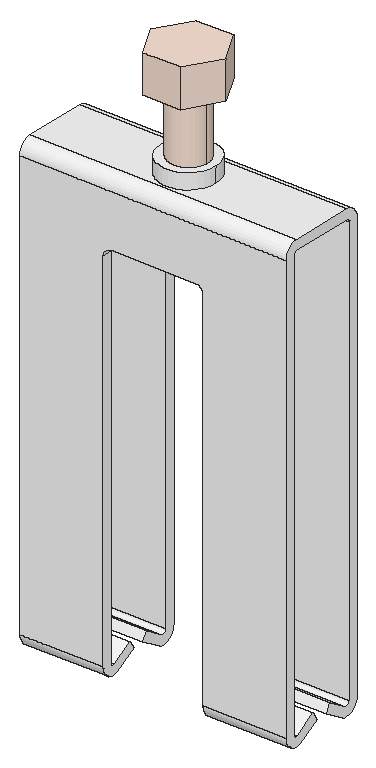
Revit family "ctclip_h0", category 機械設備, Revit 2022
Family settings
  丸型コネクタ寸法 = 直径を使用
  種別 = なし
  パーツ タイプ = 標準
  作業面ベース = いいえ
  常に垂直 = はい
  ロード時にボイドで切り取り = いいえ
  注釈の向きを維持 = いいえ
  共有 = いいえ
  部屋計算ポイント = いいえ
Parameters
  製造元 = "株式会社桐井製作所"
  既定の高さ = 0 mm
  URL = "https://www.kirii.co.jp/"
  K_材質 = "溶融亜鉛めっき鋼板及び鋼帯 SGCC 一般用"
  K_品名 = "CTクリップH=0"
  K_名称 = "クリップ"
  K_入数 = "400"
  K_バージョン情報 = "20220411"
  K_めっき付着量 = "Z12"
  K_JIS規格 = "JIS G 3302"
Reference planes
  plane 1 "中心(正面/背面)": y = 0
  plane 2: z = 0
  plane 3 "中心(左/右)": x = 0
Forms (mm)
  Extrusion 1, void
    sketch origin (0, 0, 0) x (1, 0, 0) y (0, 1, 0)
      loop
        circle (0, 0) r 2.5
    from 7.437 to 8.637
  Extrusion 2, solid
    sketch origin (0, 0, 0) x (1, 0, 0) y (0, 1, 0)
      loop
        circle (0, 0) r 3.691
      loop
        circle (0, 0) r 2.5
    from 8.637 to 10.637
  Extrusion 3, void
    sketch origin (0, 0, 0) x (1, 0, 0) y (0, 0, 1)
      loop
        line (-6.6, -51.613) -> (6.6, -51.613) -> (6.6, -1)
        arc (6.6, -1) -> (6.307, -0.293) -> (5.6, 0) r 1
        line (5.6, 0) -> (-5.6, 0)
        arc (-5.6, 0) -> (-6.307, -0.293) -> (-6.6, -1) r 1
        line (-6.6, -1) -> (-6.6, -51.613)
    from -5.8 to 5.8
  Extrusion 4, solid
    sketch origin (0, 0, 7.437) x (0, 1, 0) y (0, 0, 1)
      loop
        line (-4.6, -57.119) -> (-4.6, -0.5)
        arc (-4.6, -0.5) -> (-4.454, -0.146) -> (-4.1, 0) r 0.5
        line (-4.1, 0) -> (4.1, 0)
        arc (4.1, 0) -> (4.454, -0.146) -> (4.6, -0.5) r 0.5
        line (4.6, -0.5) -> (4.6, -57.119)
        arc (4.6, -57.119) -> (4.389, -57.527) -> (3.935, -57.591) r 0.5
        line (3.935, -57.591) -> (1.386, -56) -> (0.8, -57.047) -> (3.538, -58.704)
        arc (3.538, -58.704) -> (5.083, -58.487) -> (5.8, -57.1) r 1.7
        line (5.8, -57.1) -> (5.8, -0.5)
        arc (5.8, -0.5) -> (5.302, 0.702) -> (4.1, 1.2) r 1.7
        line (4.1, 1.2) -> (-4.1, 1.2)
        arc (-4.1, 1.2) -> (-5.302, 0.702) -> (-5.8, -0.5) r 1.7
        line (-5.8, -0.5) -> (-5.8, -57.1)
        arc (-5.8, -57.1) -> (-5.083, -58.487) -> (-3.538, -58.704) r 1.7
        line (-3.538, -58.704) -> (-0.8, -57.047) -> (-1.386, -56) -> (-3.935, -57.591)
        arc (-3.935, -57.591) -> (-4.389, -57.527) -> (-4.6, -57.119) r 0.5
    from -17.6 to 17.6
Cuts and joins
  Extrusion 3 cuts Extrusion 2
  Extrusion 1, Extrusion 3 cuts Extrusion 4
  joined: Extrusion 2, Extrusion 4
Dimensions and locks
  aligned and locked: level to plane 2
Nested families
  nested 1: "M5×25ボルト" at (0.011, -0.034, 18.824) x (1, 0, 0) z (0, 1, 0), type "M5×25ボルト"
Definition of nested family "M5×25ボルト"
  Parameters (values of type "M5×25ボルト")
    Manufacturer = "株式会社桐井製作所"
    Default Elevation = 0 mm
    URL = "https://www.kirii.co.jp/"
    K_名称 = "M6×25ボルト"
  Reference planes
    plane 1 "中心(正面/背面)": y = 0
    plane 2: z = 0
    plane 3 "中心(左/右)": x = 0
    plane 4 "正面": y = -5
  Forms (mm)
    Extrusion 1, solid
      sketch origin (0, 0, 0.234) x (1, 0, 0) y (0, 0, 1)
        loop
          line (4.989, -0.2) -> (2.489, 4.13) -> (-2.511, 4.13) -> (-5.011, -0.2) -> (-2.511, -4.531) -> (2.489, -4.531) -> (4.989, -0.2)
      from 0 to 5
    Extrusion 2, solid
      sketch origin (0, 0, 0.234) x (1, 0, 0) y (0, 0, 1)
        loop
          circle (-0.011, -0.2) r 2.5
      from 0 to -20
  Cuts and joins
    joined: Extrusion 1, Extrusion 2
  Dimensions and locks
    aligned and locked: level to plane 2
